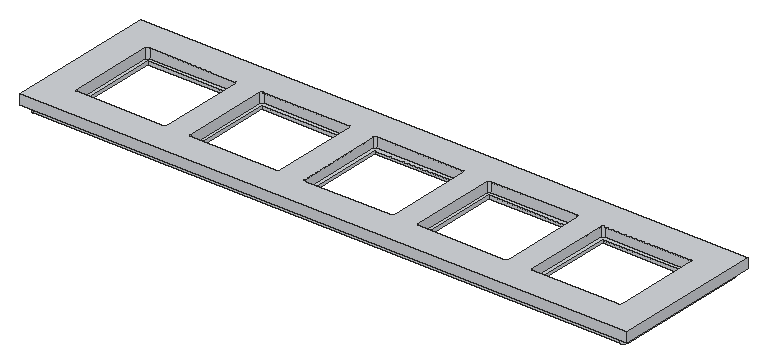
Revit family "Gira_021512", category Electrical Fixtures, host Face, Revit 2017
Family settings
  Host = Face
  Maintain Annotation Orientation = No
  Round Connector Dimension = Use Diameter
  Part Type = Normal
  Cut with Voids When Loaded = No
  Shared = No
  Room Calculation Point = No
Parameters (values of type "Abdeckrahmen 5f Gira Esprit G Weiß")
  Werkstoffgüte = "Echtglas"
  Werkstoff = "Glas"
  URL = "http://katalog.gira.de/de_DE/datenblatt.html?artikelnr=021512"
  Transparent = "No"
  Textfeld/Beschriftungsfläche = "No"
  Schutzart (IP) = "IP20"
  Region = "DE"
  Oberfläche = "sonstige"
  Name = "Abdeckrahmen 5f Gira Esprit G Weiß"
  Montagerichtung = "horizontal und vertikal"
  Mit Montagerahmen = "No"
  Mit Klappdeckel = "No"
  Manufacturer URL = "https://www.gira.de/"
  Keynote = "Espr._Rahmen_5fach"
  HeinzeBIM = "https://bimportal.heinze.de/bim/abdeckrahmen-5f-gira-esprit-g-weiss/c3a5744fa3f30cc360c42b3fc27b30af44036c82"
  Halogenfrei = "No"
  HAN = "021512"
  Geeignet für Unterputz-Installation = "Yes"
  Geeignet für Unterflurkanaldose = "No"
  Geeignet für Geräteeinbaukanal = "No"
  Geeignet für Einbauinstallation = "No"
  GTIN = "4010337215127"
  Farbe = "weiß"
  Default Elevation = 1219.2 mm
  Data sheet (1) = "https://katalog.gira.de/de_DE/download.html?artikelnr=021512"
  Category = "Abdeckrahmen"
  Befestigungsart = "Klemmbefestigung"
  Available = "Yes"
  Anzahl der Einheiten vertikal = "5 "
  Anzahl der Einheiten horizontal = "5 "
  Anzahl der Einheiten = "5 "
Reference planes
  plane 1 "Center (Front/Back)": y = 0
  plane 2: z = 0
  plane 3 "Center (Left/Right)": x = 0
Forms (mm)
  Extrusion 1, solid, detail levels fine
    sketch origin (0, 0, 0) x (1, 0, 0) y (0, 1, 0)
      loop
        line (-190.1, 47.5) -> (-190.1, -47.5) -> (190.1, -47.5) -> (190.1, 47.5) -> (-190.1, 47.5)
      loop
        arc (-170.9, -26.8) -> (-170.461, -27.861) -> (-169.4, -28.3) r 1.5
        line (-169.4, -28.3) -> (-115.8, -28.3)
        arc (-115.8, -28.3) -> (-114.739, -27.861) -> (-114.3, -26.8) r 1.5
        line (-114.3, -26.8) -> (-114.3, 26.8)
        arc (-114.3, 26.8) -> (-114.739, 27.861) -> (-115.8, 28.3) r 1.5
        line (-115.8, 28.3) -> (-169.4, 28.3)
        arc (-169.4, 28.3) -> (-170.461, 27.861) -> (-170.9, 26.8) r 1.5
        line (-170.9, 26.8) -> (-170.9, -26.8)
      loop
        arc (-99.6, -26.8) -> (-99.161, -27.861) -> (-98.1, -28.3) r 1.5
        line (-98.1, -28.3) -> (-44.5, -28.3)
        arc (-44.5, -28.3) -> (-43.439, -27.861) -> (-43, -26.8) r 1.5
        line (-43, -26.8) -> (-43, 26.8)
        arc (-43, 26.8) -> (-43.439, 27.861) -> (-44.5, 28.3) r 1.5
        line (-44.5, 28.3) -> (-98.1, 28.3)
        arc (-98.1, 28.3) -> (-99.161, 27.861) -> (-99.6, 26.8) r 1.5
        line (-99.6, 26.8) -> (-99.6, -26.8)
      loop
        arc (-28.3, -26.8) -> (-27.861, -27.861) -> (-26.8, -28.3) r 1.5
        line (-26.8, -28.3) -> (26.8, -28.3)
        arc (26.8, -28.3) -> (27.861, -27.861) -> (28.3, -26.8) r 1.5
        line (28.3, -26.8) -> (28.3, 26.8)
        arc (28.3, 26.8) -> (27.861, 27.861) -> (26.8, 28.3) r 1.5
        line (26.8, 28.3) -> (-26.8, 28.3)
        arc (-26.8, 28.3) -> (-27.861, 27.861) -> (-28.3, 26.8) r 1.5
        line (-28.3, 26.8) -> (-28.3, -26.8)
      loop
        arc (43, -26.8) -> (43.439, -27.861) -> (44.5, -28.3) r 1.5
        line (44.5, -28.3) -> (98.1, -28.3)
        arc (98.1, -28.3) -> (99.161, -27.861) -> (99.6, -26.8) r 1.5
        line (99.6, -26.8) -> (99.6, 26.8)
        arc (99.6, 26.8) -> (99.161, 27.861) -> (98.1, 28.3) r 1.5
        line (98.1, 28.3) -> (44.5, 28.3)
        arc (44.5, 28.3) -> (43.439, 27.861) -> (43, 26.8) r 1.5
        line (43, 26.8) -> (43, -26.8)
      loop
        arc (114.3, -26.8) -> (114.739, -27.861) -> (115.8, -28.3) r 1.5
        line (115.8, -28.3) -> (169.4, -28.3)
        arc (169.4, -28.3) -> (170.461, -27.861) -> (170.9, -26.8) r 1.5
        line (170.9, -26.8) -> (170.9, 26.8)
        arc (170.9, 26.8) -> (170.461, 27.861) -> (169.4, 28.3) r 1.5
        line (169.4, 28.3) -> (115.8, 28.3)
        arc (115.8, 28.3) -> (114.739, 27.861) -> (114.3, 26.8) r 1.5
        line (114.3, 26.8) -> (114.3, -26.8)
    from 0 to 6
  Extrusion 2, solid, detail levels fine
    sketch origin (0, 0, 0) x (1, 0, 0) y (0, 1, 0)
      loop
        line (-168.5, -25.7) -> (-116.7, -25.7) -> (-116.7, 25.7) -> (-168.5, 25.7) -> (-168.5, -25.7)
      loop
        line (25.9, 25.7) -> (-25.9, 25.7) -> (-25.9, -25.7) -> (25.9, -25.7) -> (25.9, 25.7)
      loop
        arc (-185.5, -41.4) -> (-184.973, -42.673) -> (-183.7, -43.2) r 1.8
        line (-183.7, -43.2) -> (183.7, -43.2)
        arc (183.7, -43.2) -> (184.973, -42.673) -> (185.5, -41.4) r 1.8
        line (185.5, -41.4) -> (185.5, 41.4)
        arc (185.5, 41.4) -> (184.973, 42.673) -> (183.7, 43.2) r 1.8
        line (183.7, 43.2) -> (-183.7, 43.2)
        arc (-183.7, 43.2) -> (-184.973, 42.673) -> (-185.5, 41.4) r 1.8
        line (-185.5, 41.4) -> (-185.5, -41.4)
      loop
        line (-45.4, 25.7) -> (-97.2, 25.7) -> (-97.2, -25.7) -> (-45.4, -25.7) -> (-45.4, 25.7)
      loop
        line (97.2, 25.7) -> (45.4, 25.7) -> (45.4, -25.7) -> (97.2, -25.7) -> (97.2, 25.7)
      loop
        line (168.5, 25.7) -> (116.7, 25.7) -> (116.7, -25.7) -> (168.5, -25.7) -> (168.5, 25.7)
    from -1.9 to 0
  Extrusion 3, solid, detail levels fine
    sketch origin (0, 0, 0) x (1, 0, 0) y (0, 1, 0)
      loop
        arc (-183.7, 44.4) -> (-185.821, 43.521) -> (-186.7, 41.4) r 3
        line (-186.7, 41.4) -> (-186.7, -41.4)
        arc (-186.7, -41.4) -> (-185.821, -43.521) -> (-183.7, -44.4) r 3
        line (-183.7, -44.4) -> (183.7, -44.4)
        arc (183.7, -44.4) -> (185.821, -43.521) -> (186.7, -41.4) r 3
        line (186.7, -41.4) -> (186.7, 41.4)
        arc (186.7, 41.4) -> (185.821, 43.521) -> (183.7, 44.4) r 3
        line (183.7, 44.4) -> (-183.7, 44.4)
      loop
        arc (-185.5, -41.4) -> (-184.973, -42.673) -> (-183.7, -43.2) r 1.8
        line (-183.7, -43.2) -> (183.7, -43.2)
        arc (183.7, -43.2) -> (184.973, -42.673) -> (185.5, -41.4) r 1.8
        line (185.5, -41.4) -> (185.5, 41.4)
        arc (185.5, 41.4) -> (184.973, 42.673) -> (183.7, 43.2) r 1.8
        line (183.7, 43.2) -> (-183.7, 43.2)
        arc (-183.7, 43.2) -> (-184.973, 42.673) -> (-185.5, 41.4) r 1.8
        line (-185.5, 41.4) -> (-185.5, -41.4)
    from -3.7 to 0
  Extrusion 4, solid, detail levels medium
    sketch origin (0, 0, 0) x (1, 0, 0) y (0, 1, 0)
      loop
        line (-190.1, 47.5) -> (-190.1, -47.5) -> (190.1, -47.5) -> (190.1, 47.5) -> (-190.1, 47.5)
    from 0 to 6
  Extrusion 5, solid, detail levels medium
    sketch origin (0, 0, 0) x (1, 0, 0) y (0, 1, 0)
      loop
        line (-190.1, 44.4) -> (-190.1, -44.4) -> (190.1, -44.4) -> (190.1, 44.4) -> (-190.1, 44.4)
    from -3.7 to 0
  Extrusion 6, solid, detail levels coarse
    sketch origin (0, 0, 0) x (1, 0, 0) y (0, 1, 0)
      loop
        line (-190.1, 47.5) -> (-190.1, -47.5) -> (190.1, -47.5) -> (190.1, 47.5) -> (-190.1, 47.5)
    from -3.7 to 6
Dimensions and locks
  aligned and locked: plane 2 to host face
  aligned and locked: level to host face
